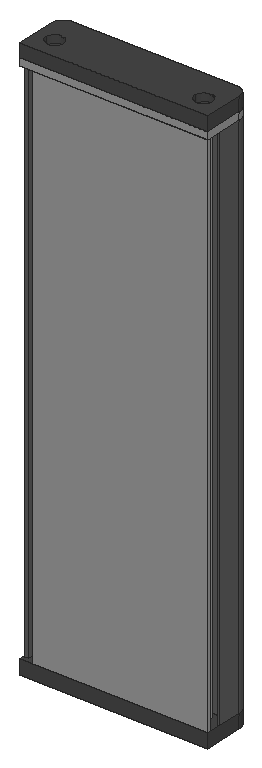
Revit family "JC KONTAKTER JCK277 Armbågskontakt", category Specialty Equipment, host Wall, Revit 2025
Family settings
  Host = Wall
  Round Connector Dimension = Use Diameter
  Part Type = Normal
  Enable Cutting in Views = Yes
  Always vertical = Yes
  Cut with Voids When Loaded = No
  Maintain Annotation Orientation = No
  Shared = No
  Room Calculation Point = No
Parameters (values of type "Armbågskontakt JCK277")
  Tillverkningsland = "Sverige"
  Tekniskt produktblad = "https://jckontakter.se/wp-content/uploads/sites/2/Tekniskt-produktblad_JCK277.pdf"
  Placering av armbågskontakt = "https://jckontakter.se/start/nyheter-och-information/armbagskontakter-placering-riktlinjer/"
  Lägsta märkström = "1mA/4 V DC"
  Lens Finish = Akryl
  Core Finish = Aluminum ENAW 6060
  URL = "https://jckontakter.se/produkt/armbagskontakter-metall/armbagskontakt-jck277-led-ljus-jckontakter/"
  Tillvalsförteckning = "https://jckontakter.se/wp-content/uploads/sites/2/Tillval_metall_2024.pdf"
  Produktvikt = "0.302 kg"
  Nominell märkström = "12 V - Resistive 6A Inductive L/R 5ms 6A, 24 V - Resistive 6A Inductive L/R 5ms 5A"
  Model = "JCK277"  # constant formula
  Microbrytare = "Standard NO/NC IP67 (tre ledare)"
  Manufacturer = "JC Kontakter"  # constant formula
  Lid Finish = Aluminum ENAW 6060 (Svart)
  Keynote = ""
  End Cap Finish = POM Tenac C 4520
  Description = "JCK277 är en modern modell utrustad med vägledande LED-ljus(blå). Modellen har även en nedsänkt taktil rilla för att underlätta användande för synnedsatta. Tillverkad i svarteloxerad aluminium med svarta endcaps."  # constant formula
  Default Elevation = 0 mm
  CE Dokument = "https://jckontakter.se/wp-content/uploads/CE_Dokument.pdf"
  Assembly Code = ""
  Antal mikrobrytare = 1
Reference planes
  plane 1 "Wall": y = 0
  plane 2 "Center (Left/Right)": x = 125
  plane 3 "Back": y = 75
  plane 4 "A": z = 800
Lines and regions (mm)
  Masking region 1
    outline origin (0, 0, -100) x (1, 0, 0) y (0, 0, 1)
      loop
        line (175, 1145) -> (75, 1145) -> (75, 900) -> (175, 900) -> (175, 1145)
  symbolic lines
    curve 1: line (75, 125, 0) -> (175, 125, 0)
    curve 2: line (75, 75, 0) -> (75, 125, 0)
    curve 3: line (175, 75, 0) -> (75, 75, 0)
    curve 4: line (175, 125, 0) -> (175, 75, 0)
    curve 5: line (175, 0, 1045) -> (75, 0, 1045)
    curve 6: line (175, 0, 800) -> (175, 0, 1045)
    curve 7: line (75, 0, 800) -> (175, 0, 800)
    curve 8: line (75, 0, 1045) -> (75, 0, 800)
Text (mm)
  text "Placement Side" at (-1848.837, 1116.779, 0), in view "Ref. Level"
  text "Placement side" at (0, 1409.804, 2854.306), in view "Left"
  text "Placement side" at (0, 499.811, 2980.732), in view "Right"
Dimensions and locks
  locked: plane 3 "Back" to host wall
  locked: curve 3 to curve 1 at 50
  aligned and locked: plane 1 "Wall" to host wall
  aligned and locked: nested 1 to plane 3 "Back"
  aligned and locked: curve 3 to plane 3 "Back"
  aligned and locked: plane 4 "A" to curve 7
  aligned and locked: curve 6 to Masking region 1
  aligned and locked: Masking region 1 to curve 8
Nested families
  nested 1: "AK_277" at (125, 75, 800) x (-1, 0, 0) z (0, 0, 1), type "AK_277", detail levels medium+fine
Definition of nested family "AK_277"
  Parameters (values of type "AK_277")
    Lens Finish = none
    Core Finish = none
    URL = "https://jckontakter.se/produkt/armbagskontakter-metall/armbagskontakt-jck277-led-ljus-jckontakter/"
    Model = "JCK277"  # constant formula
    Manufacturer = "JC Kontakter"  # constant formula
    Lid Finish = none
    End Cap Finish = none
    Description = "JCK277 är en modern modell utrustad med vägledande LED-ljus(blå). Modellen har även en nedsänkt taktil rilla för att underlätta användande för synnedsatta. Tillverkad i svarteloxerad aluminium med svarta endcaps."  # constant formula
    Default Elevation = 0 mm
  Reference planes
    plane 1 "Center (Front/Back)": y = 0
    plane 2: z = 0
    plane 3 "Center (Left/Right)": x = 0
    plane 4 "1": x = 40
    plane 5 "A": z = 6
    plane 6 "B": z = 233
  Forms (mm)
    Extrusion 1, solid, material <- "Core Finish", detail levels medium+fine
      sketch origin (40, 0, 6) x (1, 0, 0) y (0, 1, 0)
        loop
          line (-80, 0) -> (-80, -1.2) -> (-75, -1.2) -> (-75, -8.75) -> (-73.2, -8.75) -> (-73.2, -1.2) -> (-11.2, -1.2) -> (-11.2, -8.75) -> (-2.249, -8.75)
          arc (-2.249, -8.75) -> (-3.331, -3.54) -> (-8.11, -1.2) r 6.05
          line (-8.11, -1.2) -> (-5.54, -1.2) -> (-5.54, 0) -> (-80, 0)
      from 0 to 227
    Extrusion 2, solid, material <- "Lid Finish", detail levels medium+fine
      sketch origin (-40, 0, 6) x (-1, 0, 0) y (0, -1, 0)
        loop
          line (-3.92, 11.41) -> (-0.92, 6.4) -> (0, 6.4) -> (0, 16.83)
          arc (0, 16.83) -> (-1.464, 20.366) -> (-5, 21.83) r 5
          line (-5, 21.83) -> (-11, 21.83) -> (-11, 20.83) -> (-16, 20.83) -> (-16, 21.83) -> (-75, 21.83)
          arc (-75, 21.83) -> (-78.536, 20.366) -> (-80, 16.83) r 5
          line (-80, 16.83) -> (-80, 2.38) -> (-78.4, 2.38) -> (-78.4, 11.41) -> (-3.92, 11.41)
      from 0 to 227
    Extrusion 3, solid, material <- "End Cap Finish", detail levels medium+fine
      sketch origin (-40, 0, 0) x (1, 0, 0) y (0, 1, 0)
        loop
          arc (0, -16.83) -> (1.464, -20.366) -> (5, -21.83) r 5
          line (5, -21.83) -> (75, -21.83)
          arc (75, -21.83) -> (78.536, -20.366) -> (80, -16.83) r 5
          line (80, -16.83) -> (80, 0) -> (0, 0) -> (0, -16.83)
      from 0 to 6
    Extrusion 4, void
      sketch origin (0, 0, 0) x (1, 0, 0) y (0, 1, 0)
        loop
          circle (-31.75, -8.25) r 3.75
        loop
          circle (31.75, -8.25) r 3.75
      from 0 to 4
    Extrusion 5, solid, material <- "End Cap Finish", detail levels medium+fine
      sketch origin (0, 0, 233) x (-1, 0, 0) y (0, -1, 0)
        loop
          arc (40, 16.83) -> (38.536, 20.366) -> (35, 21.83) r 5
          line (35, 21.83) -> (-35, 21.83)
          arc (-35, 21.83) -> (-38.536, 20.366) -> (-40, 16.83) r 5
          line (-40, 16.83) -> (-40, 0) -> (40, 0) -> (40, 16.83)
      from 3 to 9
    Extrusion 6, void
      sketch origin (0, 0, 233) x (-1, 0, 0) y (0, -1, 0)
        loop
          circle (31.75, 8.25) r 3.75
        loop
          circle (-31.75, 8.25) r 3.75
      from 6 to 9
    Extrusion 7, solid, material <- "Lens Finish", detail levels medium+fine
      sketch origin (0, 0, 233) x (-1, 0, 0) y (0, -1, 0)
        loop
          line (40, 0) -> (40, 16.83)
          arc (40, 16.83) -> (38.536, 20.366) -> (35, 21.83) r 5
          line (35, 21.83) -> (-35, 21.83)
          arc (-35, 21.83) -> (-38.536, 20.366) -> (-40, 16.83) r 5
          line (-40, 16.83) -> (-40, 0) -> (40, 0)
      from 0 to 3
  Cuts and joins
    Extrusion 4, Extrusion 6 cuts Extrusion 3
    Extrusion 6 cuts Extrusion 5
  Dimensions and locks
    aligned and locked: level to plane 2
